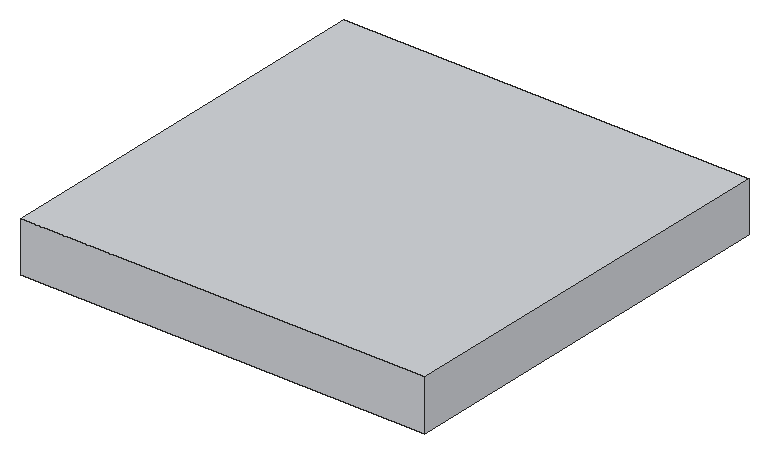
Revit family "Sanitary_Sanitary-Accessories_DELABIE_5481P-Two-wall-stainless-steel-shower-gr", category Modèles génériques, Revit 2018
Family settings
  Hôte = Face
  Peut héberger une armature = Non
  Cote de connecteur circulaire = Utiliser le diamètre
  Type d'élément = Normal
  Couper avec des vides une fois chargée = Non
  Partagée = Non
  Point de calcul de pièce = Non
Parameters
  Default Elevation = 1219.2 mm
Reference planes
  plane 1 "Centre (avant/arrière)": y = 0
  plane 2: z = 0
  plane 3 "Centre (gauche/droite)": x = 0
Forms (mm)
  Extrusion 1, solid
    sketch origin (0, 0, 0) x (1, 0, 0) y (0, 1, 0)
      loop
        line (-1219.2, 1219.2) -> (-1219.2, -1219.2) -> (1219.2, -1219.2) -> (1219.2, 1219.2) -> (-1219.2, 1219.2)
    from 0 to -304.8
Dimensions and locks
  aligned and locked: plane 2 to Extrusion 1
  aligned and locked: level to Extrusion 1
Nested families
  nested 1: "Sanitary_Sanitary-Accessories_DELABIE_5481P-Two-wall-stainless-steel-shower-gr" at (0, 0, 0), type "Default"
Definition of nested family "Sanitary_Sanitary-Accessories_DELABIE_5481P-Two-wall-stainless-steel-shower-gr"
  Parameters (values of type "Default")
    Youtube clip = ""
    Uniformat II Description = ""
    Uniformat II Code = ""
    Uniclass 2015 Name = "Sanitary accessories"
    Uniclass 2015 Code = "Pr_40_20_76"
    Uniclass 2.0 Description = ""
    Uniclass 2.0 Code = ""
    Uniclass 1.4 Description = ""
    Uniclass 1.4 Code = ""
    UNSPSC Code = "301815"
    Technical description = "https://www.delabie.com/products/5481p"
    Region South America = "AR, BO, BR, CL, CO, EC, FK, GF, GY, PE, PY, SR, UY, VE"
    Region Oceania = "AU, FJ, NC, NZ, PG, SB, TL, VU"
    Region North America = "BS, BZ, CA, CR, CU, DO, GL, GT, HN, HT, JM, MX, NI, PA, PR, SV, TT, US"
    Region Middle East = "AE, AF, EG, IL, IQ, IR, JO, KW, LB, OM, PS, QA, SA, SY, TR, YE"
    Region Europe = "AL, AT, BA, BE, BG, BY, CH, CY, CZ, DE, DK, EE, ES, FI, FR, GB, GR, HR, HU, IE, IS, IT, LT, LU, LV, MD, ME, MK, NL, NO, PL, PT, RO, RS, RU, SE, SI, SJ, SK, UA"
    Region Asia = "AM, AZ, BD, BN, BT, CN, GE, ID, IN, JP, KG, KH, KP, KR, KZ, LA, LK, MM, MN, MY, NP, PH, PK, TH, TJ, TM, TW, UZ, VN"
    Region Antarctica = "TF"
    Region Africa = "AO, BF, BI, BJ, BW, CD, CF, CG, CI, CM, DJ, DZ, EH, ER, ET, GA, GH, GM, GN, GQ, GW, KE, LR, LS, LY, MA, MG, ML, MR, MW, MZ, NA, NE, NG, RW, SD, SL, SN, SO, SS, SZ, TD, TG, TN, TZ, UG, ZA, ZM, ZW"
    QR code = "http://bimobject.com/delabie/product/5481P"
    Product url = "https://www.delabie.com/products/5481p"
    Product name = "5481P Two wall stainless steel shower grab bar with sliding vertical bar"
    Product group = "Accessibility"
    Product family = "Sanitary"
    Product data url = "https://bimobject.com/delabie/product/5481P"
    Product certification = "https://www.delabie.com/products/5481p"
    Product SKU = "5481P"
    Product Guid = "743dd4f0-cd82-46b3-93f2-552826448136"
    OmniClass Description = "Physically Challenged Toilet Grab Bars"
    OmniClass Code = "23-25 45 11 25 15"
    NBS Reference Description = ""
    NBS Reference Code = ""
    Material secondary = ""
    Material main = "Stainless steel"
    Masterformat 2014 Description = ""
    Masterformat 2014 Code = ""
    Manufacturer name = "DELABIE"
    Manufacturer country = ""
    Installation instructions = "https://www.delabie.com/products/5481p"
    IFC Classification = "Furnishing Element"
    GTIN code = "https://3456330180269"
    Edition number = 1
    Design country = "France"
    Date of publishing = ""
    COBIe Type Category = ""
    Brand url = "http://www.delabie.com"
    BOS_1_Visibility = yes
    BOS_1_Material = none
    BOS_0_Visibility = yes
    BOS_0_Material = none
    BIMobject main category code = "sanitary"
    BIMobject main category = "Sanitary"
    BIMobject category code = "sanitary-accessories1"
    BIMobject category = "Sanitary Accessories"
  Reference planes
    plane 1 "Center Front/Back": y = 0
    plane 2: z = 0
    plane 3 "Center Left/Right": x = 0
  Dimensions and locks
    aligned and locked: level to plane 2
  Imported bodies without a history: 1
